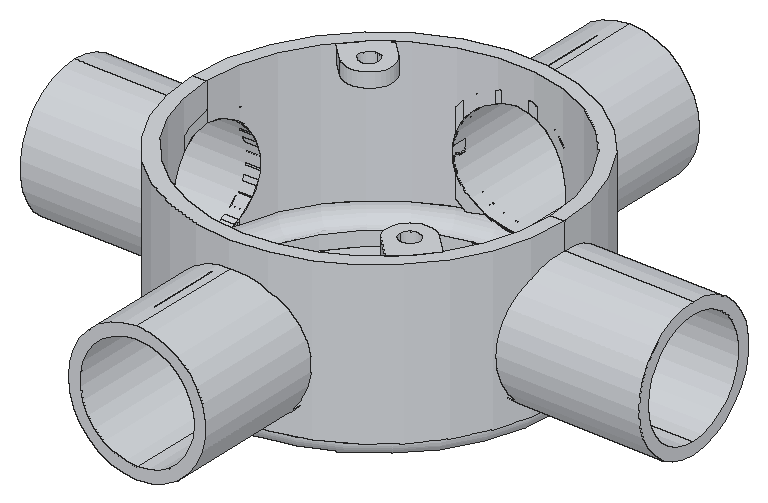
Revit family "ET5B", category Generic Models, Revit 2017
Family settings
  Can host rebar = No
  Round Connector Dimension = Use Diameter
  Part Type = Normal
  Work Plane-Based = Yes
  Always vertical = No
  Cut with Voids When Loaded = No
  Shared = No
  Room Calculation Point = No
Parameters (values of type "NBS Standard Parameters")
  Weight = "0.2842Kg"
  WarrantyStartDate [instance] = "1900-12-31T23:59:59"
  WarrantyGuarantorParts = "n/a"
  WarrantyGuarantorLabor = "n/a"
  WarrantyDurationUnit = "1 year"
  WarrantyDurationParts = "n/a"
  WarrantyDurationLabor = "n/a"
  WarrantyDescription = "n/a"
  Version = "1"
  Uniclass2 = "Pr_65_70_11_20"
  TagNumber [instance] = "n/a"
  SustainabilityPerformance = "n/a"
  Size = "20mm"
  Shape = "Circular"
  SerialNumber [instance] = "n/a"
  Revision = "n/a"
  ReplacementCost = "n/a"
  ProductInformation = "www.metpro.co.uk/pdf/et5b.pdf"
  NominalWidth = 63 mm
  NominalLength = 63 mm
  NominalHeight = 28 mm
  Name = ""
  NBSTypeID = ""
  NBSReference = "90-55-10/460"
  NBSOfficeMasterTag = ""
  NBSNote = ""
  NBSDescription = "Conduit Fittings"
  NBSCertification = ""
  ModelReference = "ET5B"
  ModelNumber = "n/a"
  Material = "Malleable Iron"
  ManufacturerURL = "www.metpro.co.uk"
  ManufacturerName = "Metpro Ltd"
  Keynote = "Complaint to LU Standard 1-085"
  InstallationDate [instance] = "1900-12-31T23:59:59"
  IfcExportType = ""
  IfcExportAs = ""
  Grade = "n/a"
  Finish = "Black"
  Features = "n/a"
  ExpectedLife = "n/a"
  DurationUnit = "year"
  Description = "ET5B  20mm Intersection Extension Malleable Conduit Box"
  Default Elevation = 1219.2 mm
  Constituents = "n/a"
  Color = "n/a"
  CodePerformance = "n/a"
  Category = "n/a"
  BarCode [instance] = "n/a"
  BIMObjectName = "Metpro_Metprolibrary_Conduitfittings_Metalcomponents_Malleablecircularbox"
  Author = "Metpro Limited"
  AssetType = ""
  AssetIdentifier [instance] = "n/a"
  AccessibilityPerformance = "n/a"
Reference planes
  plane 1 "Center (Front/Back)": y = 0
  plane 2: z = 0
  plane 3 "Center (Left/Right)": x = 0
Forms (mm)
  Revolve 1, solid
    sketch origin (2.24, 45.417, -24.795) x (1, 0, 0) y (0, 0, 1)
      loop
        line (-32.5, 40.541) -> (-32.5, 12.5)
        arc (-32.5, 12.5) -> (-31.768, 10.732) -> (-30, 10) r 2.5
        line (-30, 10) -> (-10, 10) -> (-10, 12.541) -> (-27, 12.541)
        arc (-27, 12.541) -> (-29.121, 13.42) -> (-30, 15.541) r 3
        line (-30, 15.541) -> (-30, 40.541) -> (-32.5, 40.541)
      axis (0, 10) -> (0, 40.541)
    angle from 0 to 360
  Extrusion 2, solid
    sketch origin (2.24, 45.417, 15.746) x (0, 1, 0) y (-1, 0, 0)
      loop
        arc (-13.805, -21.577) -> (-13.887, -16.02) -> (-19.441, -15.821) r 4.033
        line (-19.441, -15.821) -> (-22.946, -19.326)
        arc (-22.946, -19.326) -> (-20.14, -22.235) -> (-16.968, -24.74) r 30
        line (-16.968, -24.74) -> (-13.805, -21.577)
      loop
        circle (-16.769, -18.842) r 1.752
      loop
        line (21.577, 13.805) -> (24.74, 16.968)
        arc (24.74, 16.968) -> (22.235, 20.14) -> (19.326, 22.946) r 30
        line (19.326, 22.946) -> (15.821, 19.441)
        arc (15.821, 19.441) -> (16.02, 13.887) -> (21.577, 13.805) r 4.033
      loop
        circle (18.842, 16.769) r 1.752
    from -2.5 to 0
  Extrusion 3, void
    sketch origin (2.24, 45.417, -24.795) x (0, 0, 1) y (0, -1, 0)
      loop
        circle (24.004, 0.168) r 10
    from -53 to 55.104
  Extrusion 4, solid
    sketch origin (2.24, 45.417, -23.545) x (0, 0, 1) y (0, -1, 0)
      loop
        circle (22.754, 0.168) r 12
      loop
        circle (22.754, 0.168) r 10
    from 28.88 to 55.104
  Extrusion 5, solid
    sketch origin (0.74, 45.417, -23.545) x (0, 0, 1) y (0, 1, 0)
      loop
        circle (22.754, -0.168) r 10
      loop
        circle (22.754, -0.168) r 12
    from 24.792 to 51.5
  Extrusion 6, solid
    sketch origin (2.24, 43.917, -23.545) x (0, 0, 1) y (-1, 0, 0)
      loop
        circle (22.754, -0.168) r 10
      loop
        circle (22.754, -0.168) r 12
    from 24.792 to 51.5
  Extrusion 7, void
    sketch origin (2.24, 45.417, 15.746) x (-1, 0, 0) y (0, 1, 0)
      loop
        arc (-14.448, -26.292) -> (0, -30) -> (14.448, -26.292) r 30
        line (14.448, -26.292) -> (-14.448, -26.292)
    from 0 to 34.598
  Extrusion 8, solid
    sketch origin (2.24, 45.417, -23.545) x (0, 0, 1) y (1, 0, 0)
      loop
        circle (22.754, 0.168) r 12
      loop
        circle (22.754, 0.168) r 10
    from 54.693 to 28.388
  Extrusion 9, void
    sketch origin (2.24, 45.417, 15.746) x (-1, 0, 0) y (0, 1, 0)
      loop
        arc (-22.125, -4.091) -> (-24.699, -2.75) -> (-26.533, -5) r 2.298
        arc (-26.533, -5) -> (-19.092, -19.092) -> (-5, -26.533) r 27
        arc (-5, -26.533) -> (-2.702, -24.235) -> (-5, -21.937) r 2.298
        arc (-5, -21.937) -> (-16.235, -15.578) -> (-22.125, -4.091) r 22.5
      loop
        arc (5, -26.533) -> (19.092, -19.092) -> (26.533, -5) r 27
        arc (26.533, -5) -> (24.235, -3.167) -> (21.937, -5) r 2.357
        arc (21.937, -5) -> (15.91, -15.91) -> (5, -21.937) r 22.5
        arc (5, -21.937) -> (2.702, -24.235) -> (5, -26.533) r 2.298
      loop
        arc (26.533, 5) -> (19.092, 19.092) -> (5, 26.533) r 27
        arc (5, 26.533) -> (2.702, 24.235) -> (5, 21.937) r 2.298
        arc (5, 21.937) -> (15.91, 15.91) -> (21.937, 5) r 22.5
        arc (21.937, 5) -> (24.235, 2.702) -> (26.533, 5) r 2.298
      loop
        arc (-5, 21.937) -> (-2.702, 24.235) -> (-5, 26.533) r 2.298
        arc (-5, 26.533) -> (-19.092, 19.092) -> (-26.533, 5) r 27
        arc (-26.533, 5) -> (-24.235, 2.702) -> (-21.937, 5) r 2.298
        arc (-21.937, 5) -> (-15.91, 15.91) -> (-5, 21.937) r 22.5
      loop
        circle (16.654, 0) r 2
    from 21.029 to 35.584
  Extrusion 10, void
    sketch origin (2.24, 45.417, 15.746) x (-1, 0, 0) y (0, 1, 0)
      loop
        arc (-30, 0) -> (-28.975, -7.774) -> (-25.971, -15.017) r 30
        line (-25.971, -15.017) -> (-27.808, 11.257)
        arc (-27.808, 11.257) -> (-29.447, 5.734) -> (-30, 0) r 30
      loop
        arc (30, 0) -> (28.731, 8.634) -> (25.03, 16.538) r 30
        line (25.03, 16.538) -> (25.03, -16.538)
        arc (25.03, -16.538) -> (28.731, -8.634) -> (30, 0) r 30
      loop
        arc (-15.649, 25.595) -> (0, 26.103) -> (15.649, 25.595) r 241.46
        arc (15.649, 25.595) -> (0, 30) -> (-15.649, 25.595) r 30
    from 0 to 31.319
  Extrusion 11, void
    sketch origin (2.24, 100.109, -23.545) x (0, 0, -1) y (1, 0, 0)
      loop
        circle (-22.754, 0.168) r 10
    from 0 to 100
  Extrusion 12, void
    sketch origin (2.24, 45.417, 15.746) x (-1, 0, 0) y (0, 1, 0)
      loop
        arc (13.784, 26.646) -> (0, 30) -> (-13.784, 26.646) r 30
        line (-13.784, 26.646) -> (13.784, 26.646)
    from 0 to 52
Cuts and joins
  Extrusion 3, Extrusion 9, Extrusion 11 cuts Revolve 1
  Extrusion 3, Extrusion 10 cuts Extrusion 4
  Extrusion 3, Extrusion 9, Extrusion 10 cuts Extrusion 5
  Extrusion 7, Extrusion 11 cuts Extrusion 6
  Extrusion 9 cuts Extrusion 2
  Extrusion 11, Extrusion 12 cuts Extrusion 8
Dimensions and locks
  aligned and locked: level to plane 2
